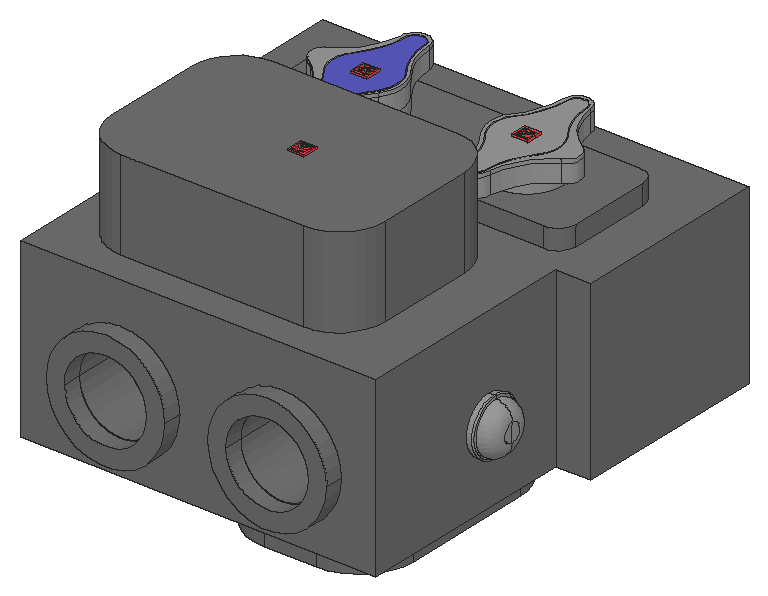
Revit family "HerzCon-Direktanschluss für FanCoils 90mm", category Rohrzubehör, Revit 2018
Family settings
  Bemaßung runder Anschluss = Durchmesser verwenden
  Teiletyp = Unterbricht
  OmniClass-Nummer = 23.65.55.14
  OmniClass-Titel = Valves for Liquid Services
  Arbeitsebenenbasiert = Nein
  Immer vertikal = Ja
  Beim Laden mit Abzugskörper schneiden = Nein
  Gemeinsam genutzt = Nein
Parameters (values of type "DN25")
  kvs-Wert (normale Funktion) = "2.75"  # constant formula
  kvs-Wert (Bypass Funktion) = "10.00"  # constant formula
  URL = "www.herz-armaturen.at"
  SCRNSEQ = "ARM;TYP_ARM=\"DURR\";02"
  SCRNCODE = "05;04;04"  # constant formula
  Nennweite SF [instance] = 32.00 mm  # constant formula
  Nennweite Kombi [instance] = 32.00 mm  # constant formula
  Nennweite KH [instance] = 25.00 mm  # constant formula
  Min. Betriebstemperatur = -20 °C  # constant formula
  Membrane und O-Ringe = "EPDM"  # constant formula
  Medium = "Heizungswasser gemäß ÖNORM H5195 oder VDI-Standard 2035.\r\nDie Verwendung von Ethylen- oder Propylenglykol-Gemischen in einem Verhältnis von 25-50 Vol.- % ist erlaubt."
  Max. Differenzdruck = 400000.0 Pa  # constant formula
  Max. Betriebstemperatur = 130 °C  # constant formula
  Max. Betriebsdruck = 2500000.0 Pa  # constant formula
  L11 = 14.00 mm  # constant formula
  L10 = 25.00 mm  # constant formula
  L09 = 16.00 mm  # constant formula
  L08 = 14.75 mm  # constant formula
  L07 = 12.50 mm  # constant formula
  L06 = 20.50 mm  # constant formula
  L04 = 45.00 mm  # constant formula
  L03 = 18.00 mm  # constant formula
  L02 = 4.80 mm  # constant formula
  L01 = 19.85 mm  # constant formula
  L00 [instance] = 189.70 mm  # constant formula
  L05 = 22.00 mm  # constant formula
  Isolierschalen = "EPP, wasserdampfdiffusionsdicht, schwarz"  # constant formula
  Hub = "4 mm"  # constant formula
  Hersteller = "HERZ Armaturen Ges.m.b.H."  # constant formula
  H02 = D02 + 1.00 mm  # 28.00 mm
  H01 = 39.50 mm  # constant formula
  Gehäuse = "entzinkungsbeständiges Messing"  # constant formula
  Dämmung [instance] = yes
  D11 = 20.00 mm  # constant formula
  D10 = 13.00 mm  # constant formula
  D09 = 18.90 mm  # constant formula
  D08 = 19.10 mm  # constant formula
  D07 = 14.85 mm  # constant formula
  D06 = 32.60 mm  # constant formula
  D05 = 33.80 mm  # constant formula
  D04 = 15.50 mm  # constant formula
  D03 = 21.25 mm  # constant formula
  D02 = 27.00 mm  # constant formula
  D01 = 15.00 mm  # constant formula
  Bestellnummer Isolierschale [instance] = 1470098  # constant formula
  Bestellnummer [instance] = 1460058  # constant formula
  Anwendungen = "Die HerzCON wurden entwickelt, um eine einfache Verbindung zu Gebläsekonvektoren oder anderen Anschlusseinheiten herzustellen.\r\nEin HerzCON ist eine Einheit, bestehend aus einem druckunabhängigen Kombiventil-Volumenstromregler (4006), Herz-Schmutzfänger, Herz-Entleerungshahn (2512) und zwei Herz-Multifunktionskugelhähnen.\r\nDas Ein-/ Aus Schalten sowie Modulieren ist über einen 0-10 V Stellantrieb möglich und kann bei Bedarf in eine GLT integriert werden.\r\nDie Einheit optimiert die Energieeffizienz des Systems, da es eine druckunabhängige Regelung ist, die den vollen Regelbereich unabhängig von Druckschwankungen gewährleistet, während gleichzeitig ein konstanter Durchfluss sichergestellt wird.\r\nMit der HerzCON können auch Spül- und Absperrvorgänge durchgeführt werden.\r\nEine Einheit kann für Heizen und Kühlen verwendet werden.\r\nEs gibt daher keinen Produktunterschied zwischen Heizen und Kühlen.\r\nDer am Sieb angebrachte Ablasshahn ermöglicht ein Spülen, ohne dass der Siebkorb entfernt werden muss.\r\nAußerdem kann der Siebkorb vor Ort gereinigt werden."
Reference planes
  plane 1 "Mitte (Vorne/hinten)": y = 0
  plane 2: z = 0
  plane 3 "Mitte (Links/rechts)": x = 0
Forms (mm)
  Revolve 1, solid, material "Messing, weicher Gelbton, geschweißt", detail levels fine
    sketch origin (-0.315, -1.436, 0) x (1, 0, 0) y (0, 1, 0)
      loop
        line (-94.535, 1.436) -> (95.165, 1.436) -> (95.165, 16.436) -> (75.315, 16.436) -> (75.315, 28.436) -> (23.115, 28.436) -> (23.115, 22.686) -> (18.315, 22.686) -> (18.315, 16.936) -> (-17.685, 16.936) -> (-17.685, 22.686) -> (-22.485, 22.686) -> (-22.485, 28.436) -> (-74.685, 28.436) -> (-74.685, 16.436) -> (-94.535, 16.436) -> (-94.535, 1.436)
      axis (95.165, 1.436) -> (-94.535, 1.436)
    angle from 0 to 360
  Revolve 2, solid, material "Messing, weicher Gelbton, geschweißt", detail levels fine
    sketch origin (0, 0, 0) x (1, 0, 0) y (0, 1, 0)
      loop
        line (-45, 28.35) -> (-57.5, 28.35) -> (-57.5, 47.45) -> (-65.5, 47.45) -> (-65.5, 32.6) -> (-67, 32.6) -> (-67, -33.8) -> (-59.75, -33.8) -> (-59.75, -45.7) -> (-70, -45.7) -> (-70, -65.7) -> (-61, -65.7) -> (-61, -52.7) -> (-45, -52.7) -> (-45, 28.35)
      axis (-45, 47.45) -> (-45, -65.7)
    angle from 0 to 360
  Revolve 3, solid, material "Messing, weicher Gelbton, geschweißt", detail levels fine
    sketch origin (0, 0, 0) x (-1, 0, 0) y (0, 1, 0)
      loop
        line (-45, 28.35) -> (-57.5, 28.35) -> (-57.5, 47.45) -> (-65.5, 47.45) -> (-65.5, 32.6) -> (-67, 32.6) -> (-67, -33.8) -> (-59.75, -33.8) -> (-59.75, -45.7) -> (-70, -45.7) -> (-70, -65.7) -> (-61, -65.7) -> (-61, -52.7) -> (-45, -52.7) -> (-45, 28.35)
      axis (-45, 47.45) -> (-45, -65.7)
    angle from 0 to 360
  Revolve 4, solid, material "Messing, weicher Gelbton, geschweißt", detail levels fine
    sketch origin (0, 0, 0) x (1, 0, 0) y (0, 0, 1)
      loop
        line (-45, 0) -> (-45, 39.5) -> (-59, 39.5) -> (-59, 0) -> (-45, 0)
      axis (-45, 0) -> (-45, 39.5)
    angle from 0 to 360
  Revolve 5, solid, material "Messing, weicher Gelbton, geschweißt", detail levels fine
    sketch origin (0, 0, 0) x (-1, 0, 0) y (0, 0, 1)
      loop
        line (-45, 0) -> (-45, 39.5) -> (-59, 39.5) -> (-59, 0) -> (-45, 0)
      axis (-45, 0) -> (-45, 39.5)
    angle from 0 to 360
  Revolve 6, solid, material "Messing, weicher Gelbton, geschweißt", detail levels fine
    sketch origin (0, 33.127, 0) x (1, 0, 0) y (0, 1, 0)
      loop
        line (45, -87.677) -> (29, -87.677) -> (29, -96.677) -> (30, -96.677) -> (30, -154.677) -> (29, -154.677) -> (29, -163.677) -> (45, -163.677) -> (45, -87.677)
      axis (45, -87.677) -> (45, -163.677)
    angle from 0 to 360
  Revolve 7, solid, material "Messing, weicher Gelbton, geschweißt", detail levels fine
    sketch origin (0, 0, 0) x (1, 0, 0) y (0, 1, 0)
      loop
        line (25, -92.55) -> (25, -107.55) -> (45, -107.55) -> (60, -111.55) -> (68, -111.55) -> (68, -107.55) -> (78, -107.55) -> (78, -105.55) -> (91, -105.55) -> (91, -106.55) -> (100, -106.55) -> (100, -92.55) -> (25, -92.55)
      axis (25, -92.55) -> (100, -92.55)
    angle from 0 to 360
  Revolve 8, solid, material "Messing, weicher Gelbton, geschweißt", detail levels fine
    sketch origin (0, 0, 0) x (1, 0, 0) y (0, 1, 0)
      loop
        line (25, -92.55) -> (11, -92.55) -> (11, -103.55) -> (15, -103.55) -> (15, -109.55) -> (25, -109.55) -> (25, -92.55)
      axis (11, -92.55) -> (25, -92.55)
    angle from 0 to 360
  Extrusion 9, solid, material "Messing, weicher Gelbton, geschweißt", detail levels fine
    sketch origin (0, 0, 0) x (0, 1, 0) y (0, 0, 1)
      loop
        line (-87.8, 46) -> (-97.3, 46) -> (-130.012, 27.114) -> (-134.762, 18.886) -> (-134.762, -18.886) -> (-130.012, -27.114) -> (-97.3, -46) -> (-87.8, -46) -> (-55.088, -27.114) -> (-50.338, -18.886) -> (-50.338, 18.886) -> (-55.088, 27.114) -> (-87.8, 46)
    from 11 to -10.6
  Revolve 10, solid, material "Messing, weicher Gelbton, geschweißt", detail levels fine
    sketch origin (0, 0, 0) x (1, 0, 0) y (0, 1, 0)
      loop
        line (-10.6, -92.55) -> (-10.6, -62.694) -> (-14.1, -75.05) -> (-14.1, -92.55) -> (-10.6, -92.55)
      axis (-14.1, -92.55) -> (-10.6, -92.55)
    angle from 0 to 360
  Extrusion 11, solid, material "Messing, weicher Gelbton, geschweißt", detail levels fine
    sketch origin (0, 0, 0) x (1, 0, 0) y (0, 0, 1)
      loop
        line (11, 8) -> (-6.1, 8)
        arc (-6.1, 8) -> (-14.1, 0) -> (-6.1, -8) r 8
        line (-6.1, -8) -> (11, -8) -> (11, 8)
    from 49.053 to 92.55
  Revolve 12, solid, material "Messing, weicher Gelbton, geschweißt", detail levels fine
    sketch origin (0, 0, 0) x (1, 0, 0) y (0, 1, 0)
      loop
        line (-13.1, -49.053) -> (-6.1, -49.053) -> (-6.1, -33.053) -> (-13.1, -33.053) -> (-13.1, -44.053) -> (-10.1, -44.053) -> (-10.1, -46.053) -> (-13.1, -46.053) -> (-13.1, -49.053)
      axis (-6.1, -33.053) -> (-6.1, -49.053)
    angle from 0 to 360
  Revolve 13, solid, material "Messing, weicher Gelbton, geschweißt", detail levels fine
    sketch origin (45, 0, 0) x (0, 1, 0) y (0, 0, 1)
      loop
        line (-107.55, 29) -> (-116.55, 29) -> (-116.55, 0) -> (-115.35, 0) -> (-115.35, -27) -> (-114.55, -27) -> (-114.55, -30) -> (-111.55, -30) -> (-111.55, -32) -> (-114.55, -32) -> (-114.55, -43) -> (-107.55, -43) -> (-107.55, 29)
      axis (-107.55, 29) -> (-107.55, -43)
    angle from 0 to 360
  Revolve 14, solid, material "Messing, weicher Gelbton, geschweißt", detail levels fine
    sketch origin (45, 0, 0) x (0, 1, 0) y (0, 0, 1)
      loop
        line (-68.55, 29) -> (-77.55, 29) -> (-77.55, 0) -> (-68.55, 0) -> (-68.55, 29)
      axis (-77.55, 29) -> (-77.55, 0)
    angle from 0 to 360
  Revolve 15, solid, material "Messing, weicher Gelbton, geschweißt", detail levels fine
    sketch origin (5.25, 97.957, 0) x (1, 0, 0) y (0, 1, 0)
      loop
        line (-50.25, -152.507) -> (-66.25, -152.507) -> (-66.25, -167.507) -> (-67.75, -167.507) -> (-67.75, -230.907) -> (-66.25, -230.907) -> (-66.25, -242.507) -> (-50.25, -242.507) -> (-50.25, -152.507)
      axis (-50.25, -152.507) -> (-50.25, -242.507)
    angle from 0 to 360
  Revolve 16, solid, material "Messing, weicher Gelbton, geschweißt", detail levels fine
    sketch origin (-45, -230.478, 0) x (0, 1, 0) y (0, 0, 1)
      loop
        arc (130.928, -23.913) -> (141.764, -20.377) -> (148.428, -11.13) r 18.37
        line (148.428, -11.13) -> (148.428, 3) -> (149.428, 4.812) -> (149.428, 32.5) -> (149.428, 34.5) -> (148.428, 34.5) -> (148.428, 36) -> (144.428, 36) -> (144.428, 49) -> (142.55, 50.084)
        arc (142.55, 50.084) -> (140.382, 52.622) -> (140.295, 55.959) r 5
        line (140.295, 55.959) -> (141.933, 61) -> (141.933, 76) -> (144.133, 76) -> (144.133, 77.5) -> (145.912, 77.5) -> (145.912, 84) -> (144.912, 86.5) -> (133.412, 86.5) -> (133.412, 89.5) -> (134.912, 89.5) -> (134.912, 91.5) -> (130.928, 91.5) -> (130.928, -23.913)
      axis (130.928, 91.5) -> (130.928, -23.913)
    angle from 0 to 360
  Extrusion 17, solid, material "Messing, weicher Gelbton, geschweißt", detail levels fine
    sketch origin (-1, -230.478, 0) x (0, 1, 0) y (0, 0, 1)
      loop
        circle (130.928, 65) r 5.5
    from -44 to -27
  Extrusion 18, solid, material "Kunststoff-Anthrazit/Schwarz", visible <- "Dämmung", detail levels fine
    sketch origin (-452.346, 0, 0) x (1, 0, 0) y (0, 1, 0)
      loop
        line (332.346, 64.5) -> (332.346, -45.5) -> (351.746, -45.5) -> (351.746, -170.5) -> (549.946, -170.5) -> (549.946, -45.5) -> (569.346, -45.5) -> (569.346, 64.5) -> (332.346, 64.5)
    from -42 to 56
  Extrusion 19, void
    sketch origin (0, 0, 0) x (0, 1, 0) y (0, 0, 1)
      loop
        circle (-92.55, 0) r 15
    from 117 to 32.451
  Extrusion 20, void
    sketch origin (0, 0, 0) x (1, 0, 0) y (0, 0, 1)
      loop
        circle (-45, 0) r 23
      loop
        circle (45, 0) r 23
    from 184.5 to -80
  Extrusion 21, solid, material "Kunststoff-Anthrazit/Schwarz", visible <- "Dämmung", detail levels fine
    sketch origin (0, 0, 0) x (1, 0, 0) y (0, 0, 1)
      loop
        circle (-45, 0) r 33
      loop
        circle (45, 0) r 33
    from 180.5 to 170.5
  Extrusion 22, solid, material "Kunststoff-Anthrazit/Schwarz", visible <- "Dämmung", detail levels fine
    sketch origin (0, 0, 0) x (1, 0, 0) y (0, 0, 1)
      loop
        circle (-45, 0) r 33
      loop
        circle (45, 0) r 33
    from -64.5 to -74.5
  Extrusion 23, solid, material "Kunststoff-Anthrazit/Schwarz", visible <- "Dämmung", detail levels fine
    sketch origin (0, 0, 0) x (1, 0, 0) y (0, 1, 0)
      loop
        line (43.2, -46.9) -> (-58.4, -46.9)
        arc (-58.4, -46.9) -> (-76.078, -54.222) -> (-83.4, -71.9) r 25
        line (-83.4, -71.9) -> (-83.4, -128)
        arc (-83.4, -128) -> (-76.078, -145.678) -> (-58.4, -153) r 25
        line (-58.4, -153) -> (43.2, -153)
        arc (43.2, -153) -> (60.878, -145.678) -> (68.2, -128) r 25
        line (68.2, -128) -> (68.2, -71.9)
        arc (68.2, -71.9) -> (60.878, -54.222) -> (43.2, -46.9) r 25
    from 56 to 106
  Extrusion 24, solid, material "Kunststoff-Anthrazit/Schwarz", visible <- "Dämmung", detail levels fine
    sketch origin (0, 0, 0) x (1, 0, 0) y (0, 1, 0)
      loop
        arc (81.5, -33.43) -> (88.571, -30.501) -> (91.5, -23.43) r 10
        line (91.5, -23.43) -> (91.5, 22.8)
        arc (91.5, 22.8) -> (88.571, 29.871) -> (81.5, 32.8) r 10
        line (81.5, 32.8) -> (-81.5, 32.8)
        arc (-81.5, 32.8) -> (-88.571, 29.871) -> (-91.5, 22.8) r 10
        line (-91.5, 22.8) -> (-91.5, -23.43)
        arc (-91.5, -23.43) -> (-88.571, -30.501) -> (-81.5, -33.43) r 10
        line (-81.5, -33.43) -> (81.5, -33.43)
    from 56 to 67
  Extrusion 25, solid, material "Kunststoff-Anthrazit/Schwarz", visible <- "Dämmung", detail levels fine
    sketch origin (0, 0, 0) x (1, 0, 0) y (0, 1, 0)
      loop
        arc (5.4, 1.85) -> (-15.813, -6.937) -> (-24.6, -28.15) r 30
        line (-24.6, -28.15) -> (-24.6, -102.9)
        arc (-24.6, -102.9) -> (-15.813, -124.113) -> (5.4, -132.9) r 30
        line (5.4, -132.9) -> (34.4, -132.9)
        arc (34.4, -132.9) -> (55.613, -124.113) -> (64.4, -102.9) r 30
        line (64.4, -102.9) -> (64.4, -28.15)
        arc (64.4, -28.15) -> (55.613, -6.937) -> (34.4, 1.85) r 30
        line (34.4, 1.85) -> (5.4, 1.85)
    from -42 to -76
Cuts and joins
  Extrusion 19, Extrusion 20 cuts Extrusion 18
  Extrusion 20 cuts Extrusion 21
  Extrusion 20 cuts Extrusion 22
Dimensions and locks
  "D04": Revolve 1 sketch curve to Revolve 1 sketch curve
  "D03": Revolve 1 sketch curve to Revolve 1 sketch curve  (x2)
  "D01": Revolve 1 sketch curve to Revolve 1 sketch curve  (x2)
  "D02": Revolve 1 sketch curve to Revolve 1 sketch curve  (x2)
  "L00": Revolve 1 sketch curve to Revolve 1 sketch curve
  "L01": Revolve 1 sketch curve to Revolve 1 sketch curve  (x2)
  "L02": Revolve 1 sketch curve to Revolve 1 sketch curve  (x2)
  equal spacing: Revolve 1 sketch curve, plane 3 "Mitte (Links/rechts)", Revolve 1 sketch curve
  "L03": Revolve 1 sketch curve to plane 3 "Mitte (Links/rechts)" to Revolve 1 sketch curve
  "L04": Revolve 2 sketch curve to plane 3 "Mitte (Links/rechts)"  (x2)
  "L05": Revolve 2 sketch curve to Revolve 2 sketch curve
  "D05": Revolve 2 sketch curve to plane 1 "Mitte (Vorne/hinten)"
  "D06": plane 1 "Mitte (Vorne/hinten)" to Revolve 2 sketch curve
  "L06": Revolve 2 sketch curve to Revolve 2 sketch curve
  "D07": Revolve 2 sketch curve to Revolve 2 sketch curve
  "D08": Revolve 2 sketch curve to Revolve 2 sketch curve
  "L07": Revolve 2 sketch curve to Revolve 2 sketch curve
  "L08": Revolve 2 sketch curve to Revolve 2 sketch curve
  "D09": Revolve 2 sketch curve to Revolve 2 sketch curve
  "D10": Revolve 2 sketch curve to Revolve 2 sketch curve
  "D11": Revolve 2 sketch curve to Revolve 2 sketch curve
  "L09": Revolve 2 sketch curve to Revolve 2 sketch curve
  "L10": Revolve 2 sketch curve to Revolve 2 sketch curve
  "L05": Revolve 3 sketch curve to Revolve 3 sketch curve
  "L06": Revolve 3 sketch curve to Revolve 3 sketch curve
  "D07": Revolve 3 sketch curve to Revolve 3 sketch curve
  "D08": Revolve 3 sketch curve to Revolve 3 sketch curve
  "L07": Revolve 3 sketch curve to Revolve 3 sketch curve
  "L08": Revolve 3 sketch curve to Revolve 3 sketch curve
  "D09": Revolve 3 sketch curve to Revolve 3 sketch curve
  "D10": Revolve 3 sketch curve to Revolve 3 sketch curve
  "D11": Revolve 3 sketch curve to Revolve 3 sketch curve
  "L09": Revolve 3 sketch curve to Revolve 3 sketch curve
  "L10": Revolve 3 sketch curve to Revolve 3 sketch curve
  "L04": plane 3 "Mitte (Links/rechts)" to Revolve 3 sketch curve  (x2)
  "D05": Revolve 3 sketch curve to plane 1 "Mitte (Vorne/hinten)"
  "D06": plane 1 "Mitte (Vorne/hinten)" to Revolve 3 sketch curve
  "H01": Revolve 4 sketch curve to plane 2
  "L04": plane 3 "Mitte (Links/rechts)" to Revolve 4 sketch curve  (x2)
  "L11": Revolve 4 sketch curve to Revolve 4 sketch curve
  "L11": Revolve 5 sketch curve to Revolve 5 sketch curve
  "L04": Revolve 5 sketch curve to plane 3 "Mitte (Links/rechts)"  (x2)
  "H01": Revolve 5 sketch curve to plane 2
  "L04": nested 3 to plane 3 "Mitte (Links/rechts)"
  "L04": plane 3 "Mitte (Links/rechts)" to nested 4
  "H02": nested 3 to plane 2
  "H02": nested 4 to plane 2
  "L04": plane 3 "Mitte (Links/rechts)" to Revolve 6 sketch curve  (x2)
  Revolve 6 sketch curve to Revolve 6 sketch curve = 16.00 mm  (x2)
  Revolve 6 sketch curve to Revolve 6 sketch curve = 15.00 mm
  Revolve 6 sketch curve to Revolve 6 sketch curve = 76.00 mm
  Revolve 6 sketch curve to Revolve 6 sketch curve = 9.00 mm  (x2)
  equal spacing: Revolve 6, Revolve 7 sketch curve, Revolve 6  (x2)
  Revolve 7 sketch curve to Revolve 7 sketch curve = 75.00 mm
  Revolve 7 sketch curve to Revolve 7 sketch curve = 9.00 mm
  Revolve 7 sketch curve to Revolve 7 sketch curve = 13.00 mm  (x2)
  Revolve 7 sketch curve to Revolve 7 sketch curve = 10.00 mm
  "L04": plane 3 "Mitte (Links/rechts)" to Revolve 7 sketch curve
  Revolve 7 sketch curve to Revolve 7 sketch curve = 14.00 mm
  Revolve 7 sketch curve to Revolve 7 sketch curve = 15.00 mm  (x2)
  Revolve 7 sketch curve to Revolve 7 sketch curve = 20.00 mm
  Revolve 7 sketch curve to Revolve 7 sketch curve = 35.00 mm
  Revolve 8 sketch curve to Revolve 7 = 20.00 mm
  equal spacing: Revolve 6, Revolve 8 sketch curve, Revolve 6  (x2)
  Revolve 8 sketch curve to Revolve 8 sketch curve = 17.00 mm
  Revolve 8 sketch curve to Revolve 8 sketch curve = 11.00 mm
  Revolve 8 sketch curve to Revolve 8 sketch curve = 14.00 mm
  Revolve 8 sketch curve to Revolve 8 sketch curve = 10.00 mm
  Revolve 6 to Extrusion 9 sketch curve = 4.212 mm
  Extrusion 9 sketch curve to Revolve 6 = 4.212 mm
  Extrusion 9 sketch curve to Extrusion 9 sketch curve = 84.424 mm
  equal spacing: Extrusion 9 sketch curve, level, Extrusion 9 sketch curve
  Extrusion 9 to Revolve 7 = 34.00 mm
  equal spacing: Revolve 6, Revolve 10 sketch curve, Revolve 6  (x2)
  Revolve 10 sketch curve to Revolve 10 sketch curve = 17.50 mm
  Revolve 10 sketch curve to Revolve 10 sketch curve = 29.856 mm
  Revolve 10 sketch curve to Extrusion 9 = 3.50 mm
  equal spacing: Revolve 6, nested 5, Revolve 6
  Revolve 7 to nested 5 = 46.00 mm
  Extrusion 9 to Revolve 10 = 25.10 mm
  Revolve 12 sketch curve to Revolve 12 sketch curve = 7.00 mm  (x2)
  Revolve 12 sketch curve to Revolve 12 sketch curve = 4.00 mm
  Revolve 12 sketch curve to Revolve 12 sketch curve = 3.00 mm
  Revolve 12 sketch curve to Revolve 12 sketch curve = 2.00 mm
  Revolve 12 sketch curve to Revolve 12 sketch curve = 11.00 mm
  Revolve 10 to Revolve 12 sketch curve = 1.00 mm
  Revolve 10 to Revolve 12 sketch curve = 8.00 mm
  Extrusion 11 to Revolve 12 sketch curve = 43.497 mm
  equal spacing: Revolve 6, Extrusion 11, Revolve 6
  Extrusion 11 to Extrusion 11 = 43.497 mm
  Revolve 3 to Revolve 6 = 178.00 mm
  Revolve 13 sketch curve to Revolve 13 sketch curve = 7.80 mm
  Revolve 13 sketch curve to Revolve 13 sketch curve = 9.00 mm
  Revolve 13 sketch curve to Revolve 13 sketch curve = 7.00 mm  (x2)
  Revolve 13 sketch curve to Revolve 13 sketch curve = 4.00 mm
  Revolve 13 sketch curve to Revolve 13 sketch curve = 3.00 mm
  Revolve 13 sketch curve to Revolve 13 sketch curve = 2.00 mm
  Revolve 13 sketch curve to Revolve 13 sketch curve = 11.00 mm
  "L04": plane 3 "Mitte (Links/rechts)" to Revolve 13
  Revolve 14 sketch curve to Revolve 14 sketch curve = 9.00 mm
  "L04": plane 3 "Mitte (Links/rechts)" to Revolve 14
  nested 7 to plane 2 = 29.00 mm
  nested 6 to plane 2 = 29.00 mm
  Revolve 15 sketch curve to Revolve 15 sketch curve = 11.60 mm
  Revolve 15 sketch curve to Revolve 15 sketch curve = 15.00 mm
  Revolve 15 sketch curve to Revolve 15 sketch curve = 90.00 mm
  Revolve 15 sketch curve to Revolve 15 sketch curve = 16.00 mm  (x2)
  Revolve 15 sketch curve to Revolve 15 sketch curve = 17.50 mm
  Revolve 15 to Revolve 16 sketch curve = 45.00 mm  (x2)
  Revolve 15 to Extrusion 17 sketch curve = 45.00 mm
  nested 8 to Revolve 15 = 45.00 mm
  plane 2 to Revolve 16 sketch curve = 23.913 mm
  Revolve 16 sketch curve to plane 2 = 34.50 mm
  Revolve 16 sketch curve to Revolve 16 sketch curve = 17.50 mm  (x2)
  Revolve 16 sketch curve to plane 2 = 4.812 mm
  Revolve 16 sketch curve to Revolve 16 sketch curve = 18.50 mm
  Revolve 16 sketch curve to Revolve 16 sketch curve = 1.50 mm
  Revolve 16 sketch curve to Revolve 16 sketch curve = 13.50 mm
  Revolve 16 sketch curve to Revolve 16 sketch curve = 13.00 mm
  "L04": Revolve 16 to plane 3 "Mitte (Links/rechts)"
  "L04": Revolve 15 sketch curve to plane 3 "Mitte (Links/rechts)"  (x2)
  Extrusion 17 to Extrusion 17 = 17.00 mm
  "L04": plane 3 "Mitte (Links/rechts)" to Extrusion 17
  Revolve 16 to Extrusion 17 sketch curve = 11.00 mm
  Extrusion 17 sketch curve to plane 2 = 65.00 mm
  Revolve 15 to Revolve 2 = 192.00 mm
  Extrusion 18 sketch curve to Extrusion 18 sketch curve = 237.00 mm
  Extrusion 18 sketch curve to Extrusion 18 sketch curve = 235.00 mm
  Extrusion 18 sketch curve to Extrusion 18 sketch curve = 19.40 mm  (x2)
  plane 1 "Mitte (Vorne/hinten)" to Extrusion 18 sketch curve = 64.50 mm
  Extrusion 18 sketch curve to Extrusion 18 sketch curve = 110.00 mm  (x2)
  cut or joined group of Extrusion 18, Extrusion 19, Extrusion 20 to Extrusion 19 sketch curve = 77.95 mm
  cut or joined group of Extrusion 18, Extrusion 19, Extrusion 20 to Extrusion 20 sketch curve = 52.00 mm
  cut or joined group of Extrusion 18, Extrusion 19, Extrusion 20 to Extrusion 20 sketch curve = 142.00 mm
  cut or joined group of Extrusion 18, Extrusion 19, Extrusion 20 to Extrusion 21 sketch curve = 42.00 mm
  cut or joined group of Extrusion 18, Extrusion 19, Extrusion 20 to Extrusion 21 sketch curve = 132.00 mm
  cut or joined group of Extrusion 18, Extrusion 19, Extrusion 20 to Extrusion 22 sketch curve = 42.00 mm
  cut or joined group of Extrusion 18, Extrusion 19, Extrusion 20 to Extrusion 22 sketch curve = 132.00 mm
  cut or joined group of Extrusion 18, Extrusion 19, Extrusion 20 to Extrusion 23 sketch curve = 17.50 mm
  cut or joined group of Extrusion 18, Extrusion 19, Extrusion 20 to Extrusion 23 sketch curve = 17.20 mm
  Extrusion 23 sketch curve to Extrusion 23 sketch curve = 151.60 mm
  Extrusion 23 sketch curve to Extrusion 23 sketch curve = 106.10 mm
  Extrusion 24 sketch curve to Extrusion 24 sketch curve = 66.23 mm
  Extrusion 24 sketch curve to Extrusion 24 sketch curve = 183.00 mm
  cut or joined group of Extrusion 18, Extrusion 19, Extrusion 20 to Extrusion 24 sketch curve = 28.50 mm
  Extrusion 24 sketch curve to cut or joined group of Extrusion 18, Extrusion 19, Extrusion 20 = 25.50 mm
  cut or joined group of Extrusion 18, Extrusion 19, Extrusion 20 to Extrusion 24 sketch curve = 31.70 mm
  cut or joined group of Extrusion 18, Extrusion 19, Extrusion 20 to Extrusion 25 sketch curve = 62.65 mm
  Extrusion 25 sketch curve to Extrusion 25 sketch curve = 134.75 mm
  Extrusion 25 sketch curve to cut or joined group of Extrusion 18, Extrusion 19, Extrusion 20 = 52.60 mm
  Extrusion 25 sketch curve to Extrusion 25 sketch curve = 89.00 mm
  equal spacing: Extrusion 23, nested 9, Extrusion 23
  nested 9 to plane 2 = 105.20 mm
  radius of Revolve 16 sketch curve = 18.37 mm
  radius of Extrusion 17 sketch curve = 5.50 mm
  diameter of Extrusion 19 sketch curve = 30.00 mm
  diameter of Extrusion 20 sketch curve = 46.00 mm  (x2)
  diameter of Extrusion 21 sketch curve = 66.00 mm  (x2)
  diameter of Extrusion 22 sketch curve = 66.00 mm  (x2)
  aligned and locked: level to plane 2
Automatic sketch dimensions
  Extrusion 11 sketch curve to level = 0.00 mm
  Extrusion 11 sketch curve to plane 3 "Mitte (Links/rechts)" = 6.10 mm
  plane 3 "Mitte (Links/rechts)" to Extrusion 11 sketch curve = 11.00 mm
  Extrusion 11 sketch curve to level = 8.00 mm
  Revolve 8 sketch curve to Revolve 8 sketch curve = 2.197 mm
  Revolve 8 sketch curve to Revolve 8 sketch curve = 3.212 mm
  level to Extrusion 9 sketch curve = 27.114 mm  (x2)
  Extrusion 9 sketch curve to Extrusion 9 sketch curve = 4.75 mm  (x4)
  Extrusion 9 sketch curve to level = 27.114 mm  (x2)
  Extrusion 9 sketch curve to Extrusion 9 sketch curve = 32.712 mm  (x2)
  Extrusion 9 sketch curve to Extrusion 9 sketch curve = 9.50 mm  (x2)
  Extrusion 9 sketch curve to Extrusion 9 sketch curve = 18.886 mm
  Extrusion 9 sketch curve to Extrusion 9 sketch curve = 8.227 mm  (x4)
  Revolve 10 sketch curve to plane 3 "Mitte (Links/rechts)" = 10.60 mm
  Revolve 10 sketch curve to Revolve 10 sketch curve = 0.00 mm  (x2)
  Revolve 12 sketch curve to Revolve 12 sketch curve = 1.775 mm
  Revolve 12 sketch curve to Revolve 12 sketch curve = 4.225 mm
  Revolve 13 sketch curve to level = 0.00 mm
  level to Revolve 13 sketch curve = 29.00 mm
  plane 1 "Mitte (Vorne/hinten)" to Revolve 13 sketch curve = 116.55 mm
  Revolve 13 sketch curve to level = 27.00 mm
  Revolve 13 sketch curve to Revolve 13 sketch curve = 7.00 mm
  Revolve 13 sketch curve to Revolve 13 sketch curve = 7.744 mm
  Revolve 13 sketch curve to Revolve 13 sketch curve = 8.256 mm
  Revolve 14 sketch curve to level = 0.00 mm
  level to Revolve 14 sketch curve = 29.00 mm
  plane 1 "Mitte (Vorne/hinten)" to Revolve 14 sketch curve = 77.55 mm
  Revolve 14 sketch curve to Revolve 14 sketch curve = 0.00 mm
  level to Revolve 14 sketch curve = 14.00 mm
  Revolve 14 sketch curve to Revolve 14 sketch curve = 5.00 mm
  Revolve 16 sketch curve to Revolve 16 sketch curve = 2.485 mm
  Revolve 16 sketch curve to Revolve 16 sketch curve = 1.50 mm  (x2)
  level to Revolve 16 sketch curve = 55.959 mm
  Revolve 16 sketch curve to Revolve 16 sketch curve = 4.133 mm
  level to Revolve 16 sketch curve = 61.00 mm
  Revolve 16 sketch curve to Revolve 16 sketch curve = 1.638 mm
  level to Revolve 16 sketch curve = 50.084 mm
  Revolve 16 sketch curve to Revolve 16 sketch curve = 1.878 mm
  Revolve 16 sketch curve to Revolve 16 sketch curve = 10.00 mm
  Revolve 16 sketch curve to Revolve 16 sketch curve = 2.50 mm  (x2)
  Revolve 16 sketch curve to Revolve 16 sketch curve = 1.00 mm
  Revolve 16 sketch curve to Revolve 16 sketch curve = 1.812 mm
  Revolve 16 sketch curve to Revolve 16 sketch curve = 2.00 mm  (x2)
  Revolve 16 sketch curve to Revolve 16 sketch curve = 15.00 mm
  Revolve 16 sketch curve to Revolve 16 sketch curve = 6.50 mm
  Revolve 16 sketch curve to Revolve 16 sketch curve = 3.00 mm
  Revolve 16 sketch curve to Revolve 16 sketch curve = 2.20 mm
  Revolve 16 sketch curve to Revolve 16 sketch curve = 1.316 mm
  Revolve 16 sketch curve to Revolve 16 sketch curve = 0.227 mm
  Extrusion 18 sketch curve to plane 3 "Mitte (Links/rechts)" = 120.00 mm
  Extrusion 19 sketch curve to level = 0.00 mm
  Extrusion 20 sketch curve to level = 0.00 mm  (x2)
  Extrusion 21 sketch curve to level = 0.00 mm  (x2)
  Extrusion 22 sketch curve to level = 0.00 mm  (x2)
  Extrusion 23 sketch curve to Extrusion 23 sketch curve = 25.00 mm  (x4)
  Extrusion 24 sketch curve to Extrusion 24 sketch curve = 10.00 mm  (x4)
  Extrusion 25 sketch curve to Extrusion 25 sketch curve = 30.00 mm
  plane 1 "Mitte (Vorne/hinten)" to Extrusion 25 sketch curve = 28.15 mm
  Extrusion 25 sketch curve to Extrusion 25 sketch curve = 29.00 mm  (x2)
  Revolve 1 sketch curve to plane 1 "Mitte (Vorne/hinten)" = 0.00 mm
  plane 1 "Mitte (Vorne/hinten)" to Revolve 1 sketch curve = 0.00 mm
  Revolve 1 sketch curve to Revolve 1 sketch curve = 1933.131 mm
  Revolve 1 sketch curve to Revolve 1 sketch curve = 1932.50 mm
  plane 1 "Mitte (Vorne/hinten)" to Revolve 2 sketch curve = 18.80 mm
  Revolve 2 sketch curve to Revolve 2 sketch curve = 12.268 mm
  Revolve 3 sketch curve to plane 1 "Mitte (Vorne/hinten)" = 18.80 mm
  Revolve 3 sketch curve to Revolve 3 sketch curve = 12.268 mm
  Revolve 4 sketch curve to level = 0.00 mm  (x2)
  Revolve 4 sketch curve to Revolve 4 sketch curve = 9.50 mm
  Revolve 5 sketch curve to level = 0.00 mm  (x2)
  Revolve 5 sketch curve to Revolve 5 sketch curve = 9.50 mm
  plane 1 "Mitte (Vorne/hinten)" to Revolve 6 sketch curve = 130.55 mm
  Revolve 6 sketch curve to Revolve 6 sketch curve = 6.00 mm
  Revolve 6 sketch curve to Revolve 6 sketch curve = 5.00 mm
  Revolve 7 sketch curve to Revolve 7 sketch curve = 4.00 mm
  Revolve 7 sketch curve to Revolve 7 sketch curve = 15.00 mm
  Revolve 7 sketch curve to Revolve 7 sketch curve = 11.575 mm
  plane 1 "Mitte (Vorne/hinten)" to Revolve 15 sketch curve = 144.55 mm
  Revolve 15 sketch curve to Revolve 15 sketch curve = 6.926 mm
  Revolve 15 sketch curve to Revolve 15 sketch curve = 10.00 mm
Nested families
  nested 1: "Herz-Logo-vorne" at (-0.315, -15.5, 0) x (0, 1, 0) z (0, 0, 1), type "Herz-Logo-vorne", detail levels fine
  nested 2: "Herz-Logo-vorne" at (-0.315, 15.5, 0) x (0, 1, 0) z (0, 0, 1), type "Herz-Logo-vorne", detail levels fine
  nested 3: "Handrad (blau) für HerzCon DN25-DN32" at (-45, 0, 28) x (0, -1, 0) z (0, 0, 1), type "Handrad (blau) für HerzCon DN25-DN32", detail levels fine
  nested 4: "Handrad (rot) für HerzCon DN25-DN32" at (45, 0, 28) x (0, 1, 0) z (0, 0, 1), type "Handrad (rot) für HerzCon DN25-DN32", detail levels fine
  nested 5: "Bauschutzkappe für HerCon" at (91, -92.55, 0), type "Bauschutzkappe für HerCon"
  nested 6: "Messstutzen_Band_Austritt_senkrecht_(oben)" at (45, -77.55, 11.5), type "Messstutzen_Band_Austritt_senkrecht_(oben)"
    with Schutzkappe yes, Nennweite 0.00 mm, Gewicht 0.00 kg, Bestellnummer 0
  nested 7: "Messstutzen_Band_Eintritt_senkrecht_(oben)" at (45, -107.55, 11.5), type "Messstutzen_Band_Eintritt_senkrecht_(oben)"
    with Schutzkappe yes, Nennweite 0.00 mm, Gewicht 0.00 kg, Bestellnummer 0
  nested 8: "Flügelgriff rot (seite)" at (-32.6, -99.55, 65), type "Flügelgriff rot (seite)"
  nested 9: "Herz-Logo" at (0, -99.95, 105.2), visible <- "Dämmung", type "Herz-Logo", detail levels fine
Connectors
  piping at (45, -130.55, 0), diameter 32, driven by "Nennweite Kombi"
    settings: on Revolve 6, index 1, connector inside diameter 609.6 mm, connector length 0.00 mm, flow factor 0, pipe flow 0.0 L/s, pressure drop 0.0 Pa, fitting loss kfactor 0, connector angle 0.00°, fixture units 0, engagement length 0.00 mm, angle of deflection 0.00°, flow configuration 0, flow direction 1, fitting loss method 0, system type 7, joint type 0, gender type 0, connector reference index -1, connector utility 0, adjustable connector no, is connector primary yes, connector description ""
  piping at (-45, -144.55, 0), diameter 32, driven by "Nennweite SF"
    settings: on Revolve 15, index 2, connector inside diameter 609.6 mm, connector length 0.00 mm, flow factor 0, pipe flow 0.0 L/s, pressure drop 0.0 Pa, fitting loss kfactor 0, connector angle 0.00°, fixture units 0, engagement length 0.00 mm, angle of deflection 0.00°, flow configuration 0, flow direction 2, fitting loss method 0, system type 8, joint type 0, gender type 0, connector reference index -1, connector utility 0, adjustable connector no, is connector primary no, connector description ""
  piping at (-45, 28.35, 0), diameter 25, driven by "Nennweite KH"
    settings: on Revolve 2, index 3, connector inside diameter 609.6 mm, connector length 0.00 mm, flow factor 0, pipe flow 0.0 L/s, pressure drop 0.0 Pa, fitting loss kfactor 0, connector angle 0.00°, fixture units 0, engagement length 0.00 mm, angle of deflection 0.00°, flow configuration 0, flow direction 1, fitting loss method 0, system type 8, joint type 0, gender type 0, connector reference index -1, connector utility 0, adjustable connector no, is connector primary no, connector description ""
  piping at (45, 28.35, 0), diameter 25, driven by "Nennweite KH"
    settings: on Revolve 3, index 4, connector inside diameter 609.6 mm, connector length 0.00 mm, flow factor 0, pipe flow 0.0 L/s, pressure drop 0.0 Pa, fitting loss kfactor 0, connector angle 0.00°, fixture units 0, engagement length 0.00 mm, angle of deflection 0.00°, flow configuration 0, flow direction 2, fitting loss method 0, system type 7, joint type 0, gender type 0, connector reference index -1, connector utility 0, adjustable connector no, is connector primary no, connector description ""
Definition of nested family "Herz-Logo-vorne"
  Reference planes
    plane 1 "Mitte (Vorne/hinten)": y = 0
    plane 2: z = 0
    plane 3 "Mitte (Links/rechts)": x = 0
  Forms (mm)
    Extrusion 1, solid
      sketch origin (0.732, -0.018, 0.017) x (0, -1, 0) y (0, 0, 1)
        loop
          line (-0.018, -4.517) -> (4.482, -4.517) -> (4.482, 4.483) -> (-4.518, 4.483) -> (-4.518, -4.517) -> (-0.018, -4.517)
        loop
          line (-0.05, -3.48) -> (3.482, -3.48) -> (3.482, 3.483) -> (-3.518, 3.483) -> (-3.518, -3.48) -> (-0.05, -3.48)
        loop
          arc (-0.018, 2.383) -> (-1.543, 3.287) -> (-3.067, 2.383) r 1.738
          arc (-3.067, 2.383) -> (-3.191, 1.899) -> (-3.067, 1.415) r 1.009
          line (-3.067, 1.415) -> (-0.018, -3.281) -> (3.032, 1.415)
          arc (3.032, 1.415) -> (3.156, 1.899) -> (3.032, 2.383) r 1.009
          arc (3.032, 2.383) -> (1.507, 3.287) -> (-0.018, 2.383) r 1.738
        loop
          arc (1.885, 1.272) -> (2.005, 1.675) -> (1.885, 2.079) r 0.74
          arc (1.885, 2.079) -> (1.265, 2.416) -> (0.644, 2.079) r 0.74
          line (0.644, 2.079) -> (-0.018, 0.97) -> (-0.679, 2.079)
          arc (-0.679, 2.079) -> (-1.3, 2.416) -> (-1.921, 2.079) r 0.74
          arc (-1.921, 2.079) -> (-2.04, 1.675) -> (-1.921, 1.272) r 0.74
          line (-1.921, 1.272) -> (-0.018, -1.658) -> (1.885, 1.272)
      from 0 to 1.5
  Dimensions and locks
    aligned and locked: level to plane 2
Definition of nested family "Handrad (blau) für HerzCon DN25-DN32"
  Reference planes
    plane 1 "Mitte (Vorne/hinten)": y = 0
    plane 2: z = 0
    plane 3 "Mitte (Links/rechts)": x = 0
  Forms (mm)
    Extrusion 1, solid, detail levels fine
      sketch origin (0, 0, 0) x (1, 0, 0) y (0, 1, 0)
        loop
          circle (0, 0) r 20
      from 0 to 45
    Extrusion 2, solid, detail levels fine
      sketch origin (0, 0, 0) x (1, 0, 0) y (0, 1, 0)
        loop
          arc (-35, 7.5) -> (-42.5, 0) -> (-35, -7.5) r 7.5
          arc (-35, -7.5) -> (-19.287, -13.2) -> (-7.275, -24.825) r 40
          arc (-7.275, -24.825) -> (0, -30) -> (7.275, -24.825) r 7.7
          arc (7.275, -24.825) -> (19.287, -13.2) -> (35, -7.5) r 40
          arc (35, -7.5) -> (42.5, 0) -> (35, 7.5) r 7.5
          arc (35, 7.5) -> (22.22, 10.127) -> (10.965, 16.726) r 40
          arc (10.965, 16.726) -> (0, 20) -> (-10.965, 16.726) r 20
          arc (-10.965, 16.726) -> (-22.22, 10.127) -> (-35, 7.5) r 40
      from 45 to 55
    Extrusion 3, solid, detail levels fine
      sketch origin (0, 0, 0) x (1, 0, 0) y (0, 1, 0)
        loop
          arc (-35, 7.5) -> (-42.5, 0) -> (-35, -7.5) r 7.5
          arc (-35, -7.5) -> (-19.287, -13.2) -> (-7.275, -24.825) r 40
          arc (-7.275, -24.825) -> (0, -30) -> (7.275, -24.825) r 7.7
          arc (7.275, -24.825) -> (19.287, -13.2) -> (35, -7.5) r 40
          arc (35, -7.5) -> (42.5, 0) -> (35, 7.5) r 7.5
          arc (35, 7.5) -> (22.22, 10.127) -> (10.965, 16.726) r 40
          arc (10.965, 16.726) -> (0, 20) -> (-10.965, 16.726) r 20
          arc (-10.965, 16.726) -> (-22.22, 10.127) -> (-35, 7.5) r 40
        loop
          arc (-34.965, 5.5) -> (-40.5, 0) -> (-34.965, -5.5) r 5.5
          arc (-34.965, -5.5) -> (-21.579, -8.231) -> (-9.777, -15.113) r 42
          arc (-9.777, -15.113) -> (0, -18) -> (9.777, -15.113) r 18
          arc (9.777, -15.113) -> (21.579, -8.231) -> (34.965, -5.5) r 42
          arc (34.965, -5.5) -> (40.5, 0) -> (34.965, 5.5) r 5.5
          arc (34.965, 5.5) -> (21.579, 8.231) -> (9.777, 15.113) r 42
          arc (9.777, 15.113) -> (0, 18) -> (-9.777, 15.113) r 18
          arc (-9.777, 15.113) -> (-21.579, 8.231) -> (-34.965, 5.5) r 42
      from 55 to 57
    Extrusion 4, solid, detail levels fine
      sketch origin (0, 0, 0) x (1, 0, 0) y (0, 1, 0)
        loop
          arc (-34.965, 5.5) -> (-40.5, 0) -> (-34.965, -5.5) r 5.5
          arc (-34.965, -5.5) -> (-21.579, -8.231) -> (-9.777, -15.113) r 42
          arc (-9.777, -15.113) -> (0, -18) -> (9.777, -15.113) r 18
          arc (9.777, -15.113) -> (21.579, -8.231) -> (34.965, -5.5) r 42
          arc (34.965, -5.5) -> (40.5, 0) -> (34.965, 5.5) r 5.5
          arc (34.965, 5.5) -> (21.579, 8.231) -> (9.777, 15.113) r 42
          arc (9.777, 15.113) -> (0, 18) -> (-9.777, 15.113) r 18
          arc (-9.777, 15.113) -> (-21.579, 8.231) -> (-34.965, 5.5) r 42
      from 55 to 57
  Dimensions and locks
    aligned and locked: level to plane 2
  Nested families
    nested 1: "Herz-Logo" at (0, 0, 56.5), type "Herz-Logo", detail levels fine
  Definition of nested family "Herz-Logo"
    Reference planes
      plane 1 "Mitte (Vorne/hinten)": y = 0
      plane 2: z = 0
      plane 3 "Mitte (Links/rechts)": x = 0
    Forms (mm)
      Extrusion 1, solid
        sketch origin (0, 0, 0) x (1, 0, 0) y (0, 1, 0)
          loop
            line (-0.018, -4.517) -> (4.482, -4.517) -> (4.482, 4.483) -> (-4.518, 4.483) -> (-4.518, -4.517) -> (-0.018, -4.517)
          loop
            line (-0.05, -3.48) -> (3.482, -3.48) -> (3.482, 3.483) -> (-3.518, 3.483) -> (-3.518, -3.48) -> (-0.05, -3.48)
          loop
            arc (-0.018, 2.383) -> (-1.543, 3.287) -> (-3.067, 2.383) r 1.738
            arc (-3.067, 2.383) -> (-3.191, 1.899) -> (-3.067, 1.415) r 1.009
            line (-3.067, 1.415) -> (-0.018, -3.281) -> (3.032, 1.415)
            arc (3.032, 1.415) -> (3.156, 1.899) -> (3.032, 2.383) r 1.009
            arc (3.032, 2.383) -> (1.507, 3.287) -> (-0.018, 2.383) r 1.738
          loop
            arc (1.885, 1.272) -> (2.005, 1.675) -> (1.885, 2.079) r 0.74
            arc (1.885, 2.079) -> (1.265, 2.416) -> (0.644, 2.079) r 0.74
            line (0.644, 2.079) -> (-0.018, 0.97) -> (-0.679, 2.079)
            arc (-0.679, 2.079) -> (-1.3, 2.416) -> (-1.921, 2.079) r 0.74
            arc (-1.921, 2.079) -> (-2.04, 1.675) -> (-1.921, 1.272) r 0.74
            line (-1.921, 1.272) -> (-0.018, -1.658) -> (1.885, 1.272)
        from 0 to 1.5
    Dimensions and locks
      aligned and locked: level to plane 2
Definition of nested family "Handrad (rot) für HerzCon DN25-DN32"
  Reference planes
    plane 1 "Mitte (Vorne/hinten)": y = 0
    plane 2: z = 0
    plane 3 "Mitte (Links/rechts)": x = 0
  Forms (mm)
    Extrusion 1, solid, detail levels fine
      sketch origin (0, 0, 0) x (1, 0, 0) y (0, 1, 0)
        loop
          circle (0, 0) r 20
      from 0 to 45
    Extrusion 2, solid, detail levels fine
      sketch origin (0, 0, 0) x (1, 0, 0) y (0, 1, 0)
        loop
          arc (-35, 7.5) -> (-42.5, 0) -> (-35, -7.5) r 7.5
          arc (-35, -7.5) -> (-19.287, -13.2) -> (-7.275, -24.825) r 40
          arc (-7.275, -24.825) -> (0, -30) -> (7.275, -24.825) r 7.7
          arc (7.275, -24.825) -> (19.287, -13.2) -> (35, -7.5) r 40
          arc (35, -7.5) -> (42.5, 0) -> (35, 7.5) r 7.5
          arc (35, 7.5) -> (22.22, 10.127) -> (10.965, 16.726) r 40
          arc (10.965, 16.726) -> (0, 20) -> (-10.965, 16.726) r 20
          arc (-10.965, 16.726) -> (-22.22, 10.127) -> (-35, 7.5) r 40
      from 45 to 55
    Extrusion 3, solid, detail levels fine
      sketch origin (0, 0, 0) x (1, 0, 0) y (0, 1, 0)
        loop
          arc (-35, 7.5) -> (-42.5, 0) -> (-35, -7.5) r 7.5
          arc (-35, -7.5) -> (-19.287, -13.2) -> (-7.275, -24.825) r 40
          arc (-7.275, -24.825) -> (0, -30) -> (7.275, -24.825) r 7.7
          arc (7.275, -24.825) -> (19.287, -13.2) -> (35, -7.5) r 40
          arc (35, -7.5) -> (42.5, 0) -> (35, 7.5) r 7.5
          arc (35, 7.5) -> (22.22, 10.127) -> (10.965, 16.726) r 40
          arc (10.965, 16.726) -> (0, 20) -> (-10.965, 16.726) r 20
          arc (-10.965, 16.726) -> (-22.22, 10.127) -> (-35, 7.5) r 40
        loop
          arc (-34.965, 5.5) -> (-40.5, 0) -> (-34.965, -5.5) r 5.5
          arc (-34.965, -5.5) -> (-21.579, -8.231) -> (-9.777, -15.113) r 42
          arc (-9.777, -15.113) -> (0, -18) -> (9.777, -15.113) r 18
          arc (9.777, -15.113) -> (21.579, -8.231) -> (34.965, -5.5) r 42
          arc (34.965, -5.5) -> (40.5, 0) -> (34.965, 5.5) r 5.5
          arc (34.965, 5.5) -> (21.579, 8.231) -> (9.777, 15.113) r 42
          arc (9.777, 15.113) -> (0, 18) -> (-9.777, 15.113) r 18
          arc (-9.777, 15.113) -> (-21.579, 8.231) -> (-34.965, 5.5) r 42
      from 55 to 57
    Extrusion 4, solid, detail levels fine
      sketch origin (0, 0, 0) x (1, 0, 0) y (0, 1, 0)
        loop
          arc (-34.965, 5.5) -> (-40.5, 0) -> (-34.965, -5.5) r 5.5
          arc (-34.965, -5.5) -> (-21.579, -8.231) -> (-9.777, -15.113) r 42
          arc (-9.777, -15.113) -> (0, -18) -> (9.777, -15.113) r 18
          arc (9.777, -15.113) -> (21.579, -8.231) -> (34.965, -5.5) r 42
          arc (34.965, -5.5) -> (40.5, 0) -> (34.965, 5.5) r 5.5
          arc (34.965, 5.5) -> (21.579, 8.231) -> (9.777, 15.113) r 42
          arc (9.777, 15.113) -> (0, 18) -> (-9.777, 15.113) r 18
          arc (-9.777, 15.113) -> (-21.579, 8.231) -> (-34.965, 5.5) r 42
      from 55 to 57
  Dimensions and locks
    aligned and locked: level to plane 2
  Nested families
    nested 1: "Herz-Logo" at (0, 0, 56.5), type "Herz-Logo", detail levels fine
  Definition of nested family "Herz-Logo"
    Reference planes
      plane 1 "Mitte (Vorne/hinten)": y = 0
      plane 2: z = 0
      plane 3 "Mitte (Links/rechts)": x = 0
    Forms (mm)
      Extrusion 1, solid
        sketch origin (0, 0, 0) x (1, 0, 0) y (0, 1, 0)
          loop
            line (-0.018, -4.517) -> (4.482, -4.517) -> (4.482, 4.483) -> (-4.518, 4.483) -> (-4.518, -4.517) -> (-0.018, -4.517)
          loop
            line (-0.05, -3.48) -> (3.482, -3.48) -> (3.482, 3.483) -> (-3.518, 3.483) -> (-3.518, -3.48) -> (-0.05, -3.48)
          loop
            arc (-0.018, 2.383) -> (-1.543, 3.287) -> (-3.067, 2.383) r 1.738
            arc (-3.067, 2.383) -> (-3.191, 1.899) -> (-3.067, 1.415) r 1.009
            line (-3.067, 1.415) -> (-0.018, -3.281) -> (3.032, 1.415)
            arc (3.032, 1.415) -> (3.156, 1.899) -> (3.032, 2.383) r 1.009
            arc (3.032, 2.383) -> (1.507, 3.287) -> (-0.018, 2.383) r 1.738
          loop
            arc (1.885, 1.272) -> (2.005, 1.675) -> (1.885, 2.079) r 0.74
            arc (1.885, 2.079) -> (1.265, 2.416) -> (0.644, 2.079) r 0.74
            line (0.644, 2.079) -> (-0.018, 0.97) -> (-0.679, 2.079)
            arc (-0.679, 2.079) -> (-1.3, 2.416) -> (-1.921, 2.079) r 0.74
            arc (-1.921, 2.079) -> (-2.04, 1.675) -> (-1.921, 1.272) r 0.74
            line (-1.921, 1.272) -> (-0.018, -1.658) -> (1.885, 1.272)
        from 0 to 1.5
    Dimensions and locks
      aligned and locked: level to plane 2
Definition of nested family "Bauschutzkappe für HerCon"
  Reference planes
    plane 1 "Mitte (Vorne/hinten)": y = 0
    plane 2: z = 0
    plane 3 "Mitte (Links/rechts)": x = 0
  Forms (mm)
    Revolve 1, solid, detail levels fine
      sketch origin (0, 0, 0) x (0, 0, 1) y (-1, 0, 0)
        loop
          line (0, 0) -> (-15.5, 0) -> (-15.5, -10.067)
          arc (-15.5, -10.067) -> (-15.733, -10.629) -> (-15.25, -11) r 0.5
          line (-15.25, -11) -> (-14.093, -11)
          arc (-14.093, -11) -> (-11.457, -17.364) -> (-5.093, -20) r 9
          line (-5.093, -20) -> (0, -20) -> (0, 0)
        axis (0, 0) -> (0, -20)
      angle from 0 to 360
  Dimensions and locks
    aligned and locked: level to plane 2
Definition of nested family "Messstutzen_Band_Austritt_senkrecht_(oben)"
  Parameters (values of type "Messstutzen_Band_Austritt_senkrecht_(oben)")
    URL = "www.herz-armaturen.at"
    Schutzkappe [instance] = yes
    Nennweite [instance] = 0.00 mm
    Manufacturer = "Herz Armaturen GmbH"  # constant formula
    Gewicht [instance] = 0.00 kg
    Bestellnummer [instance] = 0
  Reference planes
    plane 1 "Mitte (Vorne/hinten)": y = 0
    plane 2: z = 0
    plane 3 "Mitte (Links/rechts)": x = 0
    plane 4 "Schlaufe 1": z = -27
    plane 5 "Schlaufe 2": z = -31.678
  Forms (mm)
    Revolve 1, solid, detail levels fine
      sketch origin (0, 0, 0) x (1, 0, 0) y (0, 0, 1)
        loop
          line (-7.4, 9) -> (-5.55, 9) -> (-5.55, 6)
          arc (-5.55, 6) -> (-5.626, 5.617) -> (-5.843, 5.293) r 1
          line (-5.843, 5.293) -> (-6.455, 4.681) -> (-6.455, 0.9) -> (-5.555, 0) -> (-2, 0) -> (-2, 17.5) -> (-8.4, 17.5)
          arc (-8.4, 17.5) -> (-7.693, 17.207) -> (-7.4, 16.5) r 1
          line (-7.4, 16.5) -> (-7.4, 9)
        loop
          line (-3.7, 27) -> (-7.3, 27) -> (-7.9, 26.4) -> (-7.9, 23) -> (-2, 23) -> (-2, 35.8) -> (-3.805, 35.8) -> (-4.415, 35.19) -> (-4.415, 30.863) -> (-3.7, 30.45) -> (-3.7, 27)
        axis (0, 0) -> (0, 35.8)
      angle from 0 to 360
    Extrusion 2, solid, detail levels fine
      sketch origin (0, 0, 17.5) x (0, 1, 0) y (-1, 0, 0)
        loop
          arc (-7.07, 5.156) -> (-7.578, 4.375) -> (-8, 3.544) r 8.75
          line (-8, 3.544) -> (-8, -3.544)
          arc (-8, -3.544) -> (-7.578, -4.375) -> (-7.07, -5.156) r 8.75
          line (-7.07, -5.156) -> (-0.93, -8.7)
          arc (-0.93, -8.7) -> (0, -8.75) -> (0.93, -8.7) r 8.75
          line (0.93, -8.7) -> (7.07, -5.156)
          arc (7.07, -5.156) -> (7.578, -4.375) -> (8, -3.544) r 8.75
          line (8, -3.544) -> (8, 3.544)
          arc (8, 3.544) -> (7.578, 4.375) -> (7.07, 5.156) r 8.75
          line (7.07, 5.156) -> (0.93, 8.7)
          arc (0.93, 8.7) -> (0, 8.75) -> (-0.93, 8.7) r 8.75
          line (-0.93, 8.7) -> (-7.07, 5.156)
      from 0 to 5.5
    Revolve 3, solid, visible <- "Schutzkappe", detail levels fine
      sketch origin (0, 0, 0) x (1, 0, 0) y (0, 0, 1)
        loop
          line (0, 35.878) -> (0, 36.678) -> (-7, 36.678) -> (-7, 33.378) -> (-6.1, 33.378) -> (-6.1, 31.678) -> (-6.9, 31.678) -> (-6.9, 30.178) -> (-4.415, 30.178) -> (-4.415, 35.268) -> (-3.805, 35.878) -> (0, 35.878)
        axis (0, 30.178) -> (0, 36.678)
      angle from 0 to 360
    Extrusion 4, solid, detail levels fine
      sketch origin (0, 0, 28.5) x (1, 0, 0) y (0, 1, 0)
        loop
          circle (0, 0) r 3.7
        loop
          arc (-3.906, 5.505) -> (0, -6.75) -> (3.906, 5.505) r 6.75
          arc (3.906, 5.505) -> (2.358, 7.288) -> (1.8, 9.582) r 5
          line (1.8, 9.582) -> (-1.8, 9.582)
          arc (-1.8, 9.582) -> (-2.358, 7.288) -> (-3.906, 5.505) r 5
      from 0 to -1.5
    Extrusion 5, solid, detail levels fine
      sketch origin (0, 0, 33.178) x (1, 0, 0) y (0, 1, 0)
        loop
          circle (0, 0) r 6.1
        loop
          arc (-4.495, 8.652) -> (0, -9.75) -> (4.495, 8.652) r 9.75
          arc (4.495, 8.652) -> (2.527, 10.493) -> (1.8, 13.089) r 5
          line (1.8, 13.089) -> (-1.8, 13.089)
          arc (-1.8, 13.089) -> (-2.527, 10.493) -> (-4.495, 8.652) r 5
      from 0 to -1.5
    Sweep 6, solid, detail levels fine
      path origin (0, 0, 0) x (0, 0, -1) y (0, -1, 0)
        loop
          line (-27.75, -9.582) -> (-27.75, -14.522)
          arc (-27.75, -14.522) -> (-30.089, -16.862) -> (-32.428, -14.522) r 2.339
          line (-32.428, -14.522) -> (-32.428, -13.089)
      profile origin (0, 12.052, 27.75) x (0, 0, 1) y (1, 0, 0)
        loop
          line (-0.75, -1.8) -> (0.75, -1.8) -> (0.75, 1.8) -> (-0.75, 1.8) -> (-0.75, -1.8)
  Dimensions and locks
    aligned and locked: level to plane 2
Definition of nested family "Messstutzen_Band_Eintritt_senkrecht_(oben)"
  Parameters (values of type "Messstutzen_Band_Eintritt_senkrecht_(oben)")
    URL = "www.herz-armaturen.at"
    Schutzkappe [instance] = yes
    Nennweite [instance] = 0.00 mm
    Manufacturer = "Herz Armaturen GmbH"  # constant formula
    Gewicht [instance] = 0.00 kg
    Bestellnummer [instance] = 0
  Reference planes
    plane 1 "Mitte (Vorne/hinten)": y = 0
    plane 2: z = 0
    plane 3 "Mitte (Links/rechts)": x = 0
    plane 4 "Schlaufe 1": z = -27
    plane 5 "Schlaufe 2": z = -31.678
  Forms (mm)
    Revolve 1, solid, detail levels fine
      sketch origin (0, 0, 0) x (1, 0, 0) y (0, 0, 1)
        loop
          line (-7.4, 9) -> (-5.55, 9) -> (-5.55, 6)
          arc (-5.55, 6) -> (-5.626, 5.617) -> (-5.843, 5.293) r 1
          line (-5.843, 5.293) -> (-6.455, 4.681) -> (-6.455, 0.9) -> (-5.555, 0) -> (-2, 0) -> (-2, 17.5) -> (-8.4, 17.5)
          arc (-8.4, 17.5) -> (-7.693, 17.207) -> (-7.4, 16.5) r 1
          line (-7.4, 16.5) -> (-7.4, 9)
        loop
          line (-3.7, 27) -> (-7.3, 27) -> (-7.9, 26.4) -> (-7.9, 23) -> (-2, 23) -> (-2, 35.8) -> (-3.805, 35.8) -> (-4.415, 35.19) -> (-4.415, 30.863) -> (-3.7, 30.45) -> (-3.7, 27)
        axis (0, 0) -> (0, 35.8)
      angle from 0 to 360
    Extrusion 2, solid, detail levels fine
      sketch origin (0, 0, 17.5) x (0, 1, 0) y (-1, 0, 0)
        loop
          arc (-7.07, 5.156) -> (-7.578, 4.375) -> (-8, 3.544) r 8.75
          line (-8, 3.544) -> (-8, -3.544)
          arc (-8, -3.544) -> (-7.578, -4.375) -> (-7.07, -5.156) r 8.75
          line (-7.07, -5.156) -> (-0.93, -8.7)
          arc (-0.93, -8.7) -> (0, -8.75) -> (0.93, -8.7) r 8.75
          line (0.93, -8.7) -> (7.07, -5.156)
          arc (7.07, -5.156) -> (7.578, -4.375) -> (8, -3.544) r 8.75
          line (8, -3.544) -> (8, 3.544)
          arc (8, 3.544) -> (7.578, 4.375) -> (7.07, 5.156) r 8.75
          line (7.07, 5.156) -> (0.93, 8.7)
          arc (0.93, 8.7) -> (0, 8.75) -> (-0.93, 8.7) r 8.75
          line (-0.93, 8.7) -> (-7.07, 5.156)
      from 0 to 5.5
    Revolve 3, solid, visible <- "Schutzkappe", detail levels fine
      sketch origin (0, 0, 0) x (1, 0, 0) y (0, 0, 1)
        loop
          line (0, 35.878) -> (0, 36.678) -> (-7, 36.678) -> (-7, 33.378) -> (-6.1, 33.378) -> (-6.1, 31.678) -> (-6.9, 31.678) -> (-6.9, 30.178) -> (-4.415, 30.178) -> (-4.415, 35.268) -> (-3.805, 35.878) -> (0, 35.878)
        axis (0, 30.178) -> (0, 36.678)
      angle from 0 to 360
    Extrusion 4, solid, detail levels fine
      sketch origin (0, 0, 28.5) x (1, 0, 0) y (0, 1, 0)
        loop
          circle (0, 0) r 3.7
        loop
          arc (-3.906, 5.505) -> (0, -6.75) -> (3.906, 5.505) r 6.75
          arc (3.906, 5.505) -> (2.358, 7.288) -> (1.8, 9.582) r 5
          line (1.8, 9.582) -> (-1.8, 9.582)
          arc (-1.8, 9.582) -> (-2.358, 7.288) -> (-3.906, 5.505) r 5
      from 0 to -1.5
    Extrusion 5, solid, detail levels fine
      sketch origin (0, 0, 33.178) x (1, 0, 0) y (0, 1, 0)
        loop
          circle (0, 0) r 6.1
        loop
          arc (-4.495, 8.652) -> (0, -9.75) -> (4.495, 8.652) r 9.75
          arc (4.495, 8.652) -> (2.527, 10.493) -> (1.8, 13.089) r 5
          line (1.8, 13.089) -> (-1.8, 13.089)
          arc (-1.8, 13.089) -> (-2.527, 10.493) -> (-4.495, 8.652) r 5
      from 0 to -1.5
    Sweep 6, solid, detail levels fine
      path origin (0, 0, 0) x (0, 0, -1) y (0, -1, 0)
        loop
          line (-27.75, -9.582) -> (-27.75, -14.522)
          arc (-27.75, -14.522) -> (-30.089, -16.862) -> (-32.428, -14.522) r 2.339
          line (-32.428, -14.522) -> (-32.428, -13.089)
      profile origin (0, 12.052, 27.75) x (0, 0, 1) y (1, 0, 0)
        loop
          line (-0.75, -1.8) -> (0.75, -1.8) -> (0.75, 1.8) -> (-0.75, 1.8) -> (-0.75, -1.8)
  Dimensions and locks
    aligned and locked: level to plane 2
Definition of nested family "Flügelgriff rot (seite)"
  Reference planes
    plane 1 "Mitte (Vorne/hinten)": y = 0
    plane 2: z = 0
    plane 3 "Mitte (Links/rechts)": x = 0
  Forms (mm)
    Revolve 1, solid, detail levels fine
      sketch origin (0, 0, 0) x (1, 0, 0) y (0, 1, 0)
        loop
          line (0, 0) -> (0, -9.5) -> (11.143, -9.5)
          arc (11.143, -9.5) -> (11.82, -9.22) -> (12.1, -8.543) r 0.957
          line (12.1, -8.543) -> (12.1, -7.39)
          arc (12.1, -7.39) -> (12.352, -6.723) -> (12.983, -6.39) r 1.008
          line (12.983, -6.39) -> (17.616, -5.81)
          arc (17.616, -5.81) -> (18.248, -5.477) -> (18.5, -4.81) r 1.009
          line (18.5, -4.81) -> (18.5, 0) -> (0, 0)
        axis (18.5, 0) -> (0, 0)
      angle from 0 to 360
    Extrusion 2, solid, detail levels fine
      sketch origin (0, 0, 0) x (0, 1, 0) y (0, 0, 1)
        loop
          arc (-20, -0.627) -> (-19.829, -1.058) -> (-19.409, -1.256) r 0.63
          line (-19.409, -1.256) -> (-4, -2.231) -> (-4, 2.225) -> (-19.471, 1.312)
          arc (-19.471, 1.312) -> (-19.847, 1.137) -> (-20, 0.752) r 0.562
          line (-20, 0.752) -> (-20, -0.627)
        loop
          line (20, -0.627) -> (20, 0.752)
          arc (20, 0.752) -> (19.847, 1.137) -> (19.471, 1.312) r 0.562
          line (19.471, 1.312) -> (4.042, 2.223) -> (4.042, -2.228) -> (19.409, -1.256)
          arc (19.409, -1.256) -> (19.829, -1.058) -> (20, -0.627) r 0.63
      from 4.6 to 23.9
    Extrusion 3, void
      sketch origin (0, 0, 0) x (1, 0, 0) y (0, 1, 0)
        loop
          line (4.6, -9.5) -> (4.6, -20) -> (7.413, -20) -> (4.6, -9.5)
        loop
          line (4.6, 9.5) -> (7.413, 20) -> (4.6, 20) -> (4.6, 9.5)
      from 5 to -5
    Extrusion 4, void
      sketch origin (0, 0, 0) x (1, 0, 0) y (0, 1, 0)
        loop
          line (18.5, -5.5) -> (23.633, -14.401)
          arc (23.633, -14.401) -> (23.744, -16.174) -> (22.401, -17.336) r 2
          line (22.401, -17.336) -> (12.113, -20) -> (25.076, -20) -> (25.076, 20) -> (12.113, 20) -> (22.401, 17.336)
          arc (22.401, 17.336) -> (23.744, 16.174) -> (23.633, 14.401) r 2
          line (23.633, 14.401) -> (18.5, 5.5) -> (18.5, -5.5)
      from 5 to -5
  Cuts and joins
    Extrusion 3, Extrusion 4 cuts Extrusion 2
    Extrusion 4 cuts Revolve 1
  Dimensions and locks
    aligned and locked: level to plane 2
Definition of nested family "Herz-Logo"
  Reference planes
    plane 1 "Mitte (Vorne/hinten)": y = 0
    plane 2: z = 0
    plane 3 "Mitte (Links/rechts)": x = 0
  Forms (mm)
    Extrusion 1, solid
      sketch origin (0, 0, 0) x (1, 0, 0) y (0, 1, 0)
        loop
          line (-0.018, -4.517) -> (4.482, -4.517) -> (4.482, 4.483) -> (-4.518, 4.483) -> (-4.518, -4.517) -> (-0.018, -4.517)
        loop
          line (-0.05, -3.48) -> (3.482, -3.48) -> (3.482, 3.483) -> (-3.518, 3.483) -> (-3.518, -3.48) -> (-0.05, -3.48)
        loop
          arc (-0.018, 2.383) -> (-1.543, 3.287) -> (-3.067, 2.383) r 1.738
          arc (-3.067, 2.383) -> (-3.191, 1.899) -> (-3.067, 1.415) r 1.009
          line (-3.067, 1.415) -> (-0.018, -3.281) -> (3.032, 1.415)
          arc (3.032, 1.415) -> (3.156, 1.899) -> (3.032, 2.383) r 1.009
          arc (3.032, 2.383) -> (1.507, 3.287) -> (-0.018, 2.383) r 1.738
        loop
          arc (1.885, 1.272) -> (2.005, 1.675) -> (1.885, 2.079) r 0.74
          arc (1.885, 2.079) -> (1.265, 2.416) -> (0.644, 2.079) r 0.74
          line (0.644, 2.079) -> (-0.018, 0.97) -> (-0.679, 2.079)
          arc (-0.679, 2.079) -> (-1.3, 2.416) -> (-1.921, 2.079) r 0.74
          arc (-1.921, 2.079) -> (-2.04, 1.675) -> (-1.921, 1.272) r 0.74
          line (-1.921, 1.272) -> (-0.018, -1.658) -> (1.885, 1.272)
      from 0 to 1.5
  Dimensions and locks
    aligned and locked: level to plane 2
